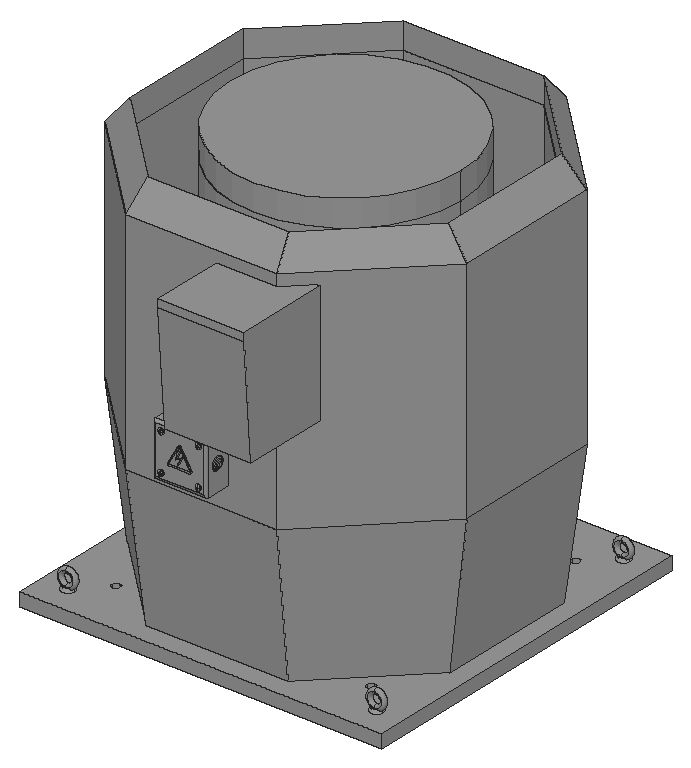
Revit family "Tower-SV-K2", category Оборудование, Revit 2021
Family settings
  Размер круглого соединителя = Использовать диаметр
  Классификация = Нет
  Тип детали = Нормальный
  На основе рабочей плоскости = Нет
  Всегда вертикально = Да
  При загрузке вырезать с полостями = Нет
  Общий = Нет
  Точка принадлежности помещению = Нет
Parameters (values of type "Tower-SV-K2-315-2D/1,1-K")
  ш1 = ш / 2  # 300 mm
  ш = A - 80 mm  # 600 mm
  Ш3 = A / 4.8  # 141.667 mm
  Ш2 = A / 5.15  # 132.039 mm
  Ш1 = Ш / 2  # 340 mm
  Ш = A  # 680 mm
  Width = Ш  # 680 mm
  Weight = 80.00 kg
  Voltage = 400 V  # constant formula
  Pressure_Static_Air [instance] = 0.0 Pa
  Power = 1100 W
  Number of Fase = 3  # constant formula
  Maximum Air Flow = 4680.0 m³/h
  Load Classification = "HVAC"
  Length = C  # 820 mm
  Height = H  # 779 mm
  Frequency = 50 Hz  # constant formula
  Отметка по умолчанию = 0 mm
  Grid Material = Mesh, steel, painted RAL 7040
  Изготовитель = "BLAUBERG"  # constant formula
  h1 = Ш3 + 50 mm  # 191.667 mm
  h2 = Ш / 3  # 226.667 mm
  h = H / 3  # 259.667 mm
  URL = ""
  R = B / 2 - B / 20  # 216 mm
  Maintenance zone material = none
  Casing Material = Metal, painted, grey, matt RAL 7040
  Kl = if(A > 1500 mm, 150 mm, 100 mm)  # 100 mm
  Kh = if(A < 1500 mm, 50 mm, 75 mm)  # 50 mm
  H = 779 mm
  C = 820 mm
  B = 480 mm
  Air Flow [instance] = 0.0 m³/h
  A = 680 mm
  09_System_Name [instance] = ""
  00_20_Type = "Tower-SV-K2-315-2D/1,1-K"
  00_20_Name = "Roof-mounted smoke extraction fan"  # constant formula
  00_20_Manufacturer = "BLAUBERG"  # constant formula
Types (37, lengths in mm): name | ш1 | ш | Ш3 | Ш2 | Ш1 | Ш | Width | Weight | Power | Maximum Air Flow | Length | Height | h1 | h2 | h | R | Kl | Kh | H | C | B | A | 00_20_Type
  (no name) | 300 | 600 | 141.667 | 132.039 | 340 | 680 | 680 | 80.00 kg | 1100 W | 4680.0 m³/h | 820 | 779 | 191.667 | 226.667 | 259.667 | 216 | 100 | 50 | 779 | 820 | 480 | 680 | "Tower-SV-K2-315-2D/1,1-K"
  Tower-SV-K2-710-4D/11-K | 550 | 1100 | 245.833 | 229.126 | 590 | 1180 | 1180 | 342.00 kg | 11000 W | 28080.0 m³/h | 1267 | 1264 | 295.833 | 393.333 | 421.333 | 441 | 100 | 50 | 1264 | 1267 | 980 | 1180 | "Tower-SV-K2-710-4D/11-K"
  Tower-SV-K2-800-6D/4-K | 550 | 1100 | 245.833 | 229.126 | 590 | 1180 | 1180 | 311.00 kg | 4000 W | 25020.0 m³/h | 1311 | 1237 | 295.833 | 393.333 | 412.333 | 441 | 100 | 50 | 1237 | 1311 | 980 | 1180 | "Tower-SV-K2-800-6D/4-K"
  Tower-SV-K2-1120-8D/15-K | 780 | 1560 | 341.667 | 318.447 | 820 | 1640 | 1640 | 911.00 kg | 15000 W | 63000.0 m³/h | 1876 | 1866 | 391.667 | 546.667 | 622 | 603 | 150 | 75 | 1866 | 1876 | 1340 | 1640 | "Tower-SV-K2-1120-8D/15-K"
  Tower-SV-K2-630-8D/0,75-K | 465 | 930 | 210.417 | 196.117 | 505 | 1010 | 1010 | 200.00 kg | 750 W | 9000.0 m³/h | 1121 | 1060 | 260.417 | 336.667 | 353.333 | 337.5 | 100 | 50 | 1060 | 1121 | 750 | 1010 | "Tower-SV-K2-630-8D/0,75-K"
  Tower-SV-K2-630-4D/5,5-K | 465 | 930 | 210.417 | 196.117 | 505 | 1010 | 1010 | 225.00 kg | 5500 W | 18720.0 m³/h | 1121 | 1060 | 260.417 | 336.667 | 353.333 | 337.5 | 100 | 50 | 1060 | 1121 | 750 | 1010 | "Tower-SV-K2-630-4D/5,5-K"
  Tower-SV-K2-710-8D/1,1-K | 550 | 1100 | 245.833 | 229.126 | 590 | 1180 | 1180 | 231.00 kg | 1100 W | 12960.0 m³/h | 1257 | 1105 | 295.833 | 393.333 | 368.333 | 441 | 100 | 50 | 1105 | 1257 | 980 | 1180 | "Tower-SV-K2-710-8D/1,1-K"
  Tower-SV-K2-710-6D/2,2-K | 550 | 1100 | 245.833 | 229.126 | 590 | 1180 | 1180 | 238.00 kg | 2200 W | 17280.0 m³/h | 1257 | 1105 | 295.833 | 393.333 | 368.333 | 441 | 100 | 50 | 1105 | 1257 | 980 | 1180 | "Tower-SV-K2-710-6D/2,2-K"
  Tower-SV-K2-800-8D/2,2-K | 550 | 1100 | 245.833 | 229.126 | 590 | 1180 | 1180 | 308.00 kg | 2200 W | 19080.0 m³/h | 1311 | 1237 | 295.833 | 393.333 | 412.333 | 441 | 100 | 50 | 1237 | 1311 | 980 | 1180 | "Tower-SV-K2-800-8D/2,2-K"
  Tower-SV-K2-800-4D/15-K | 550 | 1100 | 245.833 | 229.126 | 590 | 1180 | 1180 | 385.00 kg | 15000 W | 38880.0 m³/h | 1311 | 1387 | 295.833 | 393.333 | 462.333 | 441 | 100 | 50 | 1387 | 1311 | 980 | 1180 | "Tower-SV-K2-800-4D/15-K"
  Tower-SV-K2-900-10D/2,2-K | 630 | 1260 | 279.167 | 260.194 | 670 | 1340 | 1340 | 374.00 kg | 2200 W | 22500.0 m³/h | 1494 | 1297 | 329.167 | 446.667 | 432.333 | 472.5 | 100 | 50 | 1297 | 1494 | 1050 | 1340 | "Tower-SV-K2-900-10D/2,2-K"
  Tower-SV-K2-900-8D/4-K | 630 | 1260 | 279.167 | 260.194 | 670 | 1340 | 1340 | 435.00 kg | 4000 W | 27000.0 m³/h | 1494 | 1448 | 329.167 | 446.667 | 482.667 | 472.5 | 100 | 50 | 1448 | 1494 | 1050 | 1340 | "Tower-SV-K2-900-8D/4-K"
  Tower-SV-K2-900-6D/7,5-K | 630 | 1260 | 279.167 | 260.194 | 670 | 1340 | 1340 | 434.00 kg | 7500 W | 37800.0 m³/h | 1494 | 1448 | 329.167 | 446.667 | 482.667 | 472.5 | 100 | 50 | 1448 | 1494 | 1050 | 1340 | "Tower-SV-K2-900-6D/7,5-K"
  Tower-SV-K2-900-4D/30-K | 630 | 1260 | 279.167 | 260.194 | 670 | 1340 | 1340 | 597.00 kg | 30000 W | 55800.0 m³/h | 1524 | 1600 | 329.167 | 446.667 | 533.333 | 472.5 | 100 | 50 | 1600 | 1524 | 1050 | 1340 | "Tower-SV-K2-900-4D/30-K"
  Tower-SV-K2-1000-10D/3-K | 735 | 1470 | 322.917 | 300.971 | 775 | 1550 | 1550 | 573.00 kg | 3000 W | 32400.0 m³/h | 1686 | 1595 | 372.917 | 516.667 | 531.667 | 603 | 150 | 75 | 1595 | 1686 | 1340 | 1550 | "Tower-SV-K2-1000-10D/3-K"
  Tower-SV-K2-1000-8D/7,5-K | 735 | 1470 | 322.917 | 300.971 | 775 | 1550 | 1550 | 557.00 kg | 7500 W | 38880.0 m³/h | 1686 | 1595 | 372.917 | 516.667 | 531.667 | 603 | 150 | 75 | 1595 | 1686 | 1340 | 1550 | "Tower-SV-K2-1000-8D/7,5-K"
  Tower-SV-K2-1000-6D/15-K | 735 | 1470 | 322.917 | 300.971 | 775 | 1550 | 1550 | 608.00 kg | 15000 W | 54000.0 m³/h | 1686 | 1680 | 372.917 | 516.667 | 560 | 603 | 150 | 75 | 1680 | 1686 | 1340 | 1550 | "Tower-SV-K2-1000-6D/15-K"
  Tower-SV-K2-1120-10D/7,5-K | 780 | 1560 | 341.667 | 318.447 | 820 | 1640 | 1640 | 834.00 kg | 7500 W | 49680.0 m³/h | 1876 | 1829 | 391.667 | 546.667 | 609.667 | 603 | 150 | 75 | 1829 | 1876 | 1340 | 1640 | "Tower-SV-K2-1120-10D/7,5-K"
  Tower-SV-K2-1120-8D/11-K | 780 | 1560 | 341.667 | 318.447 | 820 | 1640 | 1640 | 834.00 kg | 11000 W | 54000.0 m³/h | 1876 | 1753 | 391.667 | 546.667 | 584.333 | 603 | 150 | 75 | 1753 | 1876 | 1340 | 1640 | "Tower-SV-K2-1120-8D/11-K"
  Tower-SV-K2-630-6D/1,5-K | 465 | 930 | 210.417 | 196.117 | 505 | 1010 | 1010 | 202.00 kg | 1500 W | 12600.0 m³/h | 1121 | 1060 | 260.417 | 336.667 | 353.333 | 337.5 | 100 | 50 | 1060 | 1121 | 750 | 1010 | "Tower-SV-K2-630-6D/1,5-K"
  Tower-SV-K2-1120-6D/22-K | 780 | 1560 | 341.667 | 318.447 | 820 | 1640 | 1640 | 856.00 kg | 22000 W | 74880.0 m³/h | 1876 | 1789 | 391.667 | 546.667 | 596.333 | 603 | 150 | 75 | 1789 | 1876 | 1340 | 1640 | "Tower-SV-K2-1120-6D/22-K"
  Tower-SV-K2-1120-6D/30-K | 780 | 1560 | 341.667 | 318.447 | 820 | 1640 | 1640 | 962.00 kg | 30000 W | 84600.0 m³/h | 1876 | 1956 | 391.667 | 546.667 | 652 | 603 | 150 | 75 | 1956 | 1876 | 1340 | 1640 | "Tower-SV-K2-1120-6D/30-K"
  Tower-SV-K2-560-4D/3-K | 460 | 920 | 208.333 | 194.175 | 500 | 1000 | 1000 | 163.00 kg | 3000 W | 13500.0 m³/h | 1094 | 991 | 258.333 | 333.333 | 330.333 | 337.5 | 100 | 50 | 991 | 1094 | 750 | 1000 | "Tower-SV-K2-560-4D/3-K"
  Tower-SV-K2-560-6D/0,75-K | 460 | 920 | 208.333 | 194.175 | 500 | 1000 | 1000 | 151.00 kg | 750 W | 8640.0 m³/h | 1082 | 921 | 258.333 | 333.333 | 307 | 337.5 | 100 | 50 | 921 | 1082 | 750 | 1000 | "Tower-SV-K2-560-6D/0,75-K"
  Tower-SV-K2-560-8D/0,37-K | 460 | 920 | 208.333 | 194.175 | 500 | 1000 | 1000 | 148.00 kg | 370 W | 6480.0 m³/h | 1082 | 921 | 258.333 | 333.333 | 307 | 337.5 | 100 | 50 | 921 | 1082 | 750 | 1000 | "Tower-SV-K2-560-8D/0,37-K"
  Tower-SV-K2-500-4D/1,5-K | 375 | 750 | 172.917 | 161.165 | 415 | 830 | 830 | 128.00 kg | 1500 W | 9720.0 m³/h | 950 | 888 | 222.917 | 276.667 | 296 | 288 | 100 | 50 | 888 | 950 | 640 | 830 | "Tower-SV-K2-500-4D/1,5-K"
  Tower-SV-K2-500-6D/0,55-K | 375 | 750 | 172.917 | 161.165 | 415 | 830 | 830 | 122.00 kg | 550 W | 3960.0 m³/h | 950 | 888 | 222.917 | 276.667 | 296 | 288 | 100 | 50 | 888 | 950 | 640 | 830 | "Tower-SV-K2-500-6D/0,55-K"
  Tower-SV-K2-500-8D/0,25-K | 375 | 750 | 172.917 | 161.165 | 415 | 830 | 830 | 121.00 kg | 250 W | 1512.0 m³/h | 950 | 888 | 222.917 | 276.667 | 296 | 288 | 100 | 50 | 888 | 950 | 640 | 830 | "Tower-SV-K2-500-8D/0,25-K"
  Tower-SV-K2-450-2D/7,5-K | 365 | 730 | 168.75 | 157.282 | 405 | 810 | 810 | 137.00 kg | 7500 W | 13680.0 m³/h | 933 | 929 | 218.75 | 270 | 309.667 | 261 | 100 | 50 | 929 | 933 | 580 | 810 | "Tower-SV-K2-450-2D/7,5-K"
  Tower-SV-K2-450-4D/1,1-K | 340 | 680 | 158.333 | 147.573 | 380 | 760 | 760 | 96.00 kg | 1100 W | 6750.0 m³/h | 864 | 794 | 208.333 | 253.333 | 264.667 | 261 | 100 | 50 | 794 | 864 | 580 | 760 | "Tower-SV-K2-450-4D/1,1-K"
  Tower-SV-K2-450-6D/0,25-K | 340 | 680 | 158.333 | 147.573 | 380 | 760 | 760 | 92.00 kg | 250 W | 3960.0 m³/h | 864 | 794 | 208.333 | 253.333 | 264.667 | 261 | 100 | 50 | 794 | 864 | 580 | 760 | "Tower-SV-K2-450-6D/0,25-K"
  Tower-SV-K2-400-2D/4-K | 340 | 680 | 158.333 | 147.573 | 380 | 760 | 760 | 112.00 kg | 4000 W | 9360.0 m³/h | 880 | 897 | 208.333 | 253.333 | 299 | 261 | 100 | 50 | 897 | 880 | 580 | 760 | "Tower-SV-K2-400-2D/4-K"
  Tower-SV-K2-400-4D/0,55-K | 340 | 680 | 158.333 | 147.573 | 380 | 760 | 760 | 83.00 kg | 550 W | 4500.0 m³/h | 866 | 772 | 208.333 | 253.333 | 257.333 | 261 | 100 | 50 | 772 | 866 | 580 | 760 | "Tower-SV-K2-400-4D/0,55-K"
  Tower-SV-K2-400-6D/0,25-K | 340 | 680 | 158.333 | 147.573 | 380 | 760 | 760 | 82.00 kg | 250 W | 2880.0 m³/h | 866 | 772 | 208.333 | 253.333 | 257.333 | 261 | 100 | 50 | 772 | 866 | 580 | 760 | "Tower-SV-K2-400-6D/0,25-K"
  Tower-SV-K2-355-2D/2,2-K | 300 | 600 | 141.667 | 132.039 | 340 | 680 | 680 | 89.00 kg | 2200 W | 6750.0 m³/h | 820 | 801 | 191.667 | 226.667 | 267 | 216 | 100 | 50 | 801 | 820 | 480 | 680 | "Tower-SV-K2-355-2D/2,2-K"
  Tower-SV-K2-355-4D/0,25-K | 300 | 600 | 141.667 | 132.039 | 340 | 680 | 680 | 73.00 kg | 250 W | 3168.0 m³/h | 820 | 744 | 191.667 | 226.667 | 248 | 216 | 100 | 50 | 744 | 820 | 480 | 680 | "Tower-SV-K2-355-4D/0,25-K"
  Tower-SV-K2-315-2D/1,1-K | 300 | 600 | 141.667 | 132.039 | 340 | 680 | 680 | 80.00 kg | 1100 W | 4680.0 m³/h | 820 | 779 | 191.667 | 226.667 | 259.667 | 216 | 100 | 50 | 779 | 820 | 480 | 680 | "Tower-SV-K2-315-2D/1,1-K"
Reference planes
  plane 1 "По центру (Вперед/Назад)": y = 0
  plane 2: z = 0
  plane 3 "По центру (Влево/Вправо)": x = 0
  plane 4: z = 779
  plane 5: y = -480
  plane 6: y = 340
  plane 7: x = 526.611
  plane 8: x = -526.611
  plane 9: z = 729
  plane 10: x = -240
  plane 11: x = 240
  plane 12: y = 240
  plane 13: y = -240
  plane 14: z = 299
Forms (mm)
  Extrusion 1, solid, material "Metal, painted, grey, matt RAL 7040" <- "Casing Material"
    sketch origin (-227.127, 285.75, 0) x (1, 0, 0) y (0, 1, 0)
      loop
        line (-112.873, 54.25) -> (-112.873, -625.75) -> (567.127, -625.75) -> (567.127, 54.25) -> (-112.873, 54.25)
    from 0 to 25
  Extrusion 2, void
    sketch origin (0, 0, 0) x (1, 0, 0) y (0, 1, 0)
      loop
        circle (-240, 240) r 8
      loop
        circle (240, 240) r 8
      loop
        circle (-240, -240) r 8
      loop
        circle (240, -240) r 8
    from 0 to 25
  Extrusion 3, solid, material "Metal, painted, grey, matt RAL 7040" <- "Casing Material"
    sketch origin (0, 67, 0) x (0, 1, 0) y (0, 0, 1)
      loop
        line (-367, 708.639) -> (-547, 708.639) -> (-547, 693.639) -> (-529.109, 481.972) -> (-367, 481.972) -> (-367, 708.639)
    from 191.667 <- "h1" to 30
  Blend 4, solid, material "Metal, painted, grey, matt RAL 7040" <- "Casing Material"
    base sketch origin (0, 0, 0) x (1, 0, 0) y (0, 1, 0)
      loop
        line (300, 132.039) -> (132.039, 300) -> (-132.039, 300) -> (-300, 132.039) -> (-300, -132.039) -> (-132.039, -300) -> (132.039, -300) -> (300, -132.039) -> (300, 132.039)
    top sketch origin (0, 0, 0) x (1, 0, 0) y (0, 1, 0)
      loop
        line (340, 141.667) -> (141.667, 340) -> (-141.667, 340) -> (-340, 141.667) -> (-340, -141.667) -> (-141.667, -340) -> (141.667, -340) -> (340, -141.667) -> (340, 141.667)
    from 0 to 299
  Extrusion 5, solid, material "Metal, painted, grey, matt RAL 7040" <- "Casing Material"
    sketch origin (0, 0, 0) x (1, 0, 0) y (0, 1, 0)
      loop
        line (340, 141.667) -> (141.667, 340) -> (-141.667, 340) -> (-340, 141.667) -> (-340, -141.667) -> (-141.667, -340) -> (141.667, -340) -> (340, -141.667) -> (340, 141.667)
    from 299 to 729
  Blend 6, solid, material "Metal, painted, grey, matt RAL 7040" <- "Casing Material"
    base sketch origin (0, 0, 0) x (1, 0, 0) y (0, 1, 0)
      loop
        line (340, 141.667) -> (141.667, 340) -> (-141.667, 340) -> (-340, 141.667) -> (-340, -141.667) -> (-141.667, -340) -> (141.667, -340) -> (340, -141.667) -> (340, 141.667)
    top sketch origin (0, 0, 0) x (1, 0, 0) y (0, 1, 0)
      loop
        line (300, 132.039) -> (132.039, 300) -> (-132.039, 300) -> (-300, 132.039) -> (-300, -132.039) -> (-132.039, -300) -> (132.039, -300) -> (300, -132.039) -> (300, 132.039)
    from 729 to 779
  Extrusion 7, void
    sketch origin (0, 0, 0) x (1, 0, 0) y (0, 1, 0)
      loop
        line (300, 132.039) -> (132.039, 300) -> (-132.039, 300) -> (-300, 132.039) -> (-300, -132.039) -> (-132.039, -300) -> (132.039, -300) -> (300, -132.039) -> (300, 132.039)
      loop
        circle (0, 0) r 216
    from 1994.336 to 25
Cuts and joins
  Extrusion 7 cuts Blend 4
  Extrusion 7 cuts Extrusion 5
  Extrusion 7 cuts Blend 6
  Extrusion 2 cuts Extrusion 1
Lines and regions (mm)
  Split face 1
    outline origin (0, -480, 693.639) x (0, 0.084222, -0.996447) y (1, 0, 0)
      loop
        line (202.421, 40) -> (202.421, 181.667) -> (10, 181.667) -> (10, 40) -> (202.421, 40)
Dimensions and locks
  Extrusion 1 sketch curve to Extrusion 1 sketch curve = 680 mm  (x2)
  "A": Extrusion 1 to Extrusion 1  (x2)
  equal spacing: Extrusion 1 sketch curve, plane 1 "По центру (Вперед/Назад)", Extrusion 1 sketch curve
  equal spacing: Extrusion 1 sketch curve, plane 3 "По центру (Влево/Вправо)", Extrusion 1 sketch curve
  "H": level to plane 4
  plane 5 to plane 1 "По центру (Вперед/Назад)" = 480 mm
  "Ш1": plane 6 to plane 1 "По центру (Вперед/Назад)"
  "C": plane 6 to plane 5
  equal spacing: Blend 4 sketch curve, plane 3 "По центру (Влево/Вправо)", Blend 4 sketch curve  (x2)
  "ш": Blend 4 sketch curve to Blend 4 sketch curve  (x2)
  equal spacing: Blend 4 sketch curve, plane 1 "По центру (Вперед/Назад)", Blend 4 sketch curve  (x2)
  "Ш": Blend 4 sketch curve to Blend 4 sketch curve  (x2)
  equal spacing: Extrusion 5 sketch curve, plane 1 "По центру (Вперед/Назад)", Extrusion 5 sketch curve
  "Ш": Extrusion 5 sketch curve to Extrusion 5 sketch curve  (x2)
  equal spacing: Extrusion 5 sketch curve, plane 3 "По центру (Влево/Вправо)", Extrusion 5 sketch curve
  Extrusion 5 to Extrusion 5 = 680 mm
  equal spacing: Extrusion 5, plane 3 "По центру (Влево/Вправо)", Extrusion 5
  equal spacing: Blend 6 sketch curve, plane 3 "По центру (Влево/Вправо)", Blend 6 sketch curve  (x2)
  "ш": Blend 6 sketch curve to Blend 6 sketch curve  (x2)
  equal spacing: Blend 6 sketch curve, plane 1 "По центру (Вперед/Назад)", Blend 6 sketch curve  (x2)
  "Ш": Extrusion 5 to Extrusion 5
  equal spacing: Extrusion 5, plane 1 "По центру (Вперед/Назад)", Extrusion 5
  "Ш": Blend 6 sketch curve to Blend 6 sketch curve  (x2)
  equal spacing: Extrusion 7 sketch curve, plane 1 "По центру (Вперед/Назад)", Extrusion 7 sketch curve
  "ш": Extrusion 7 sketch curve to Extrusion 7 sketch curve  (x2)
  equal spacing: Extrusion 7 sketch curve, plane 3 "По центру (Влево/Вправо)", Extrusion 7 sketch curve
  locked: plane 9 to plane 4 at 50
  "ш1": plane 1 "По центру (Вперед/Назад)" to Extrusion 3 sketch curve
  "Ш2": Blend 4 sketch curve to plane 3 "По центру (Влево/Вправо)" to Blend 4 sketch curve  (x2)
  "Ш2": Blend 4 sketch curve to plane 1 "По центру (Вперед/Назад)" to Blend 4 sketch curve  (x2)
  "Ш3": Blend 4 sketch curve to plane 3 "По центру (Влево/Вправо)" to Blend 4 sketch curve  (x2)
  "Ш3": Blend 4 sketch curve to plane 1 "По центру (Вперед/Назад)" to Blend 4 sketch curve  (x2)
  "Ш3": Extrusion 5 sketch curve to plane 3 "По центру (Влево/Вправо)" to Extrusion 5 sketch curve  (x2)
  "Ш3": Extrusion 5 sketch curve to plane 1 "По центру (Вперед/Назад)" to Extrusion 5 sketch curve  (x2)
  "Ш3": Blend 6 sketch curve to plane 3 "По центру (Влево/Вправо)" to Blend 6 sketch curve  (x2)
  "Ш3": Blend 6 sketch curve to plane 1 "По центру (Вперед/Назад)" to Blend 6 sketch curve  (x2)
  "Ш2": Blend 6 sketch curve to plane 3 "По центру (Влево/Вправо)" to Blend 6 sketch curve  (x2)
  "Ш2": Blend 6 sketch curve to plane 1 "По центру (Вперед/Назад)" to Blend 6 sketch curve  (x2)
  "Ш2": Extrusion 7 sketch curve to plane 3 "По центру (Влево/Вправо)" to Extrusion 7 sketch curve  (x2)
  "Ш2": Extrusion 7 sketch curve to plane 1 "По центру (Вперед/Назад)" to Extrusion 7 sketch curve  (x2)
  equal spacing: plane 10, plane 3 "По центру (Влево/Вправо)", plane 11
  "B": plane 10 to plane 11
  equal spacing: plane 12, plane 1 "По центру (Вперед/Назад)", plane 13
  "B": plane 12 to plane 13
  "h2": Extrusion 3 sketch curve to Extrusion 3 sketch curve
  locked: plane 4 to Extrusion 3 sketch curve at 70.361
  locked: nested 1 to cut or joined group of Extrusion 1, Extrusion 2 at 50
  locked: cut or joined group of Extrusion 1, Extrusion 2 to nested 1 at 50
  locked: cut or joined group of Extrusion 1, Extrusion 2 to nested 2 at 50  (x2)
  locked: cut or joined group of Extrusion 1, Extrusion 2 to nested 4 at 50  (x2)
  locked: cut or joined group of Extrusion 1, Extrusion 2 to nested 3 at 50
  locked: nested 3 to cut or joined group of Extrusion 1, Extrusion 2 at 50
  equal spacing: plane 4, nested 5, level
  "R": radius of Extrusion 7 sketch curve
  aligned and locked: level to plane 2
  aligned and locked: plane 5 to Extrusion 3
  aligned and locked: Blend 6 to Extrusion 5
  aligned and locked: plane 4 to Blend 6
  aligned and locked: plane 9 to Extrusion 5
  aligned and locked: cut or joined group of Blend 4, Extrusion 7 to cut or joined group of Extrusion 1, Extrusion 2
  aligned and locked: Extrusion 5 to cut or joined group of Blend 4, Extrusion 7
  aligned and locked: plane 14 to Blend 4
  aligned and locked: plane 3 "По центру (Влево/Вправо)" to nested 5
Automatic sketch dimensions
  Extrusion 2 sketch curve to plane 10 = 0 mm  (x2)
  Extrusion 2 sketch curve to plane 11 = 0 mm  (x2)
  Extrusion 2 sketch curve to plane 13 = 0 mm  (x2)
  Extrusion 2 sketch curve to plane 12 = 0 mm  (x2)
  plane 8 to Extrusion 1 sketch curve = 186.611 mm
  Extrusion 3 sketch curve to plane 5 = 0 mm
  Extrusion 3 sketch curve to plane 5 = 17.891 mm
  Extrusion 3 sketch curve to Extrusion 3 sketch curve = 15 mm
  plane 1 "По центру (Вперед/Назад)" to Extrusion 7 sketch curve = 0 mm
  Extrusion 7 sketch curve to plane 3 "По центру (Влево/Вправо)" = 0 mm
  Split face 1 sketch curve to Extrusion 3 = 10 mm  (x4)
  radius of Extrusion 2 sketch curve = 8 mm  (x4)
Nested families
  nested 1: "Eye bolt" at (290, -290, 25), type "М12"
  nested 2: "Eye bolt" at (-290, -290, 25) x (-1, 0, 0) z (0, 0, 1), type "М12"
  nested 3: "Eye bolt" at (290, 290, 25), type "М12"
  nested 4: "Eye bolt" at (-290, 290, 25) x (-1, 0, 0) z (0, 0, 1), type "М12"
  nested 5: "Electrical box" at (0, -340, 389.5) x (1, 0, 0) z (0, -1, 0), type "Electrical box"
Connectors
  electrical at (25, -365, 443.25), driven by "Voltage"
    settings: on nested 5, index 1, voltage 400 V, apparent load 0 VA, apparent load phase1 0 VA, apparent load phase2 0 VA, apparent load phase3 0 VA, power factor 1, load classification "Двигатель", number of poles 1, system type 30, power factor state 1, is connector primary yes, connector utility no, sub classification motor no, connector description ""
Definition of nested family "Eye bolt"
  Parameters (values of type "М12")
    Default Elevation = 0 mm
    Manufacturer = "Вентс"  # constant formula
    r5 = d5 / 2  # 8 mm
    r4 = d4 / 2  # 12 mm
    h2 = d3 / 2 + h  # 18.5 mm
    h11 = d3 / 2  # 4.8 mm
    h = 13.7 mm
    d5 = d4 - d4 / 3  # 16 mm
    d4 = d * 2  # 24 mm
    d3 = d * 0.8  # 9.6 mm
    d = 12 mm
  Types (2, lengths in mm): name | r5 | r4 | h2 | h11 | h | d5 | d4 | d3 | d
    М12 | 8 | 12 | 18.5 | 4.8 | 13.7 | 16 | 24 | 9.6 | 12
    М16 | 10.667 | 16 | 23.8 | 6.4 | 17.4 | 21.333 | 32 | 12.8 | 16
  Reference planes
    plane 1 "По центру (Вперед/Назад)": y = 0
    plane 2: z = 0
    plane 3 "По центру (Влево/Вправо)": x = 0
    plane 4 "ось гор": z = 18.5
    plane 5: z = 37
  Forms (mm)
    Revolve 1, solid
      sketch origin (0, 0, 0) x (0, 1, 0) y (0, 0, 1)
        loop
          circle (0, 32.2) r 4.8
        axis (4.8, 18.5) -> (-4.8, 18.5)
      angle from 0 to 360
    Extrusion 2, solid
      sketch origin (0, 0, 0) x (1, 0, 0) y (0, 1, 0)
        loop
          circle (0, 0) r 6
      from -13.7 to 0
    Blend 3, solid
      base sketch origin (0, 0, 0) x (1, 0, 0) y (0, 1, 0)
        loop
          circle (0, 0) r 12
      top sketch origin (0, 0, 0) x (1, 0, 0) y (0, 1, 0)
        loop
          circle (0, 0) r 8
      from 0 to 4.8
  Dimensions and locks
    "h2": plane 4 "ось гор" to level
    "h": Revolve 1 sketch curve to plane 4 "ось гор"
    "h": level to Extrusion 2
    "h2": plane 5 to plane 4 "ось гор"
    "h11": level to Blend 3
    "d3": diameter of Revolve 1 sketch curve
    "d": diameter of Extrusion 2 sketch curve
    "d4": diameter of Blend 3 sketch curve
    "d5": diameter of Blend 3 sketch curve
    aligned and locked: level to plane 2
    aligned and locked: plane 4 "ось гор" to Revolve 1 sketch curve
  Automatic sketch dimensions
    Revolve 1 sketch curve to plane 1 "По центру (Вперед/Назад)" = 0 mm
    plane 1 "По центру (Вперед/Назад)" to Revolve 1 sketch curve = 12.118 mm
    Revolve 1 sketch curve to plane 1 "По центру (Вперед/Назад)" = 7.882 mm
    plane 1 "По центру (Вперед/Назад)" to Extrusion 2 sketch curve = 0 mm
    Extrusion 2 sketch curve to plane 3 "По центру (Влево/Вправо)" = 0 mm
    plane 1 "По центру (Вперед/Назад)" to Blend 3 sketch curve = 0 mm  (x2)
    Blend 3 sketch curve to plane 3 "По центру (Влево/Вправо)" = 0 mm  (x2)
Definition of nested family "Electrical box"
  Parameters (values of type "100x100")
    Ш1 = Ш / 2 - 15 mm  # 35 mm
    Ш = 100 mm
    Default Elevation = 1219.2 mm
    Л = Д / 4  # 25 mm
    Д1 = Д / 2 - 15 mm  # 35 mm
    Д = 100 mm
    h = H / 2  # 25 mm
    H = 50 mm
  Reference planes
    plane 1 "По центру (Вперед/Назад)": y = 0
    plane 2: z = 0
    plane 3 "По центру (Влево/Вправо)": x = 0
  Forms (mm)
    Extrusion 1, solid
      sketch origin (0, 0, 0) x (1, 0, 0) y (0, 1, 0)
        loop
          line (-50, 50) -> (-50, -50) -> (50, -50) -> (50, 50) -> (-50, 50)
      from 0 to 50 <- "H"
    Sweep 2, void
      path in 3D
        loop
          line (-50, 50, 50) -> (-50, -50, 50) -> (50, -50, 50) -> (50, 50, 50) -> (-50, 50, 50)
      profile origin (0, 50, 50) x (0, -1, 0) y (0, 0, 1)
        loop
          line (5, 0) -> (0, 0) -> (0, -5)
          arc (0, -5) -> (1.464, -1.464) -> (5, 0) r 5
    Extrusion 3, void
      sketch origin (0, 0, 0) x (0, 1, 0) y (0, 0, 1)
        loop
          circle (0, 25) r 10
      from -50 to -45
    Extrusion 4, void
      sketch origin (0, 0, 0) x (0, 1, 0) y (0, 0, 1)
        loop
          circle (0, 25) r 10
      from 45 to 50
    Extrusion 5, void
      sketch origin (0, 0, 0) x (1, 0, 0) y (0, 0, 1)
        loop
          circle (25, 25) r 10
        loop
          circle (-25, 25) r 10
      from 45 to 50
    Extrusion 6, void
      sketch origin (0, 0, 0) x (1, 0, 0) y (0, 0, 1)
        loop
          circle (25, 25) r 10
        loop
          circle (-25, 25) r 10
      from -50 to -45
  Cuts and joins
    Sweep 2, Extrusion 3, Extrusion 4, Extrusion 5, Extrusion 6 cuts Extrusion 1
  Lines and regions (mm)
    sketch lines
      curve 1: line (50, 50, 50) -> (-50, 50, 50)
      curve 2: line (50, -50, 50) -> (50, 50, 50)
      curve 3: line (-50, -50, 50) -> (50, -50, 50)
      curve 4: line (-50, 50, 50) -> (-50, -50, 50)
  Dimensions and locks
    "Д": Extrusion 1 sketch curve to Extrusion 1 sketch curve
    "Ш": Extrusion 1 sketch curve to Extrusion 1 sketch curve
    equal spacing: Extrusion 1 sketch curve, plane 3 "По центру (Влево/Вправо)", Extrusion 1 sketch curve
    equal spacing: Extrusion 1 sketch curve, plane 1 "По центру (Вперед/Назад)", Extrusion 1 sketch curve
    "Д1": nested 2 to plane 3 "По центру (Влево/Вправо)"
    "Д1": plane 3 "По центру (Влево/Вправо)" to nested 1
    "Д1": nested 4 to plane 3 "По центру (Влево/Вправо)"
    "Д1": plane 3 "По центру (Влево/Вправо)" to nested 3
    "Ш1": nested 3 to plane 1 "По центру (Вперед/Назад)"
    "Ш1": plane 1 "По центру (Вперед/Назад)" to nested 1
    "Ш1": nested 4 to plane 1 "По центру (Вперед/Назад)"
    "Ш1": plane 1 "По центру (Вперед/Назад)" to nested 2
    "h": Extrusion 3 sketch curve to level
    "h": Extrusion 4 sketch curve to level
    "h": level to Extrusion 5 sketch curve  (x2)
    "Л": plane 3 "По центру (Влево/Вправо)" to Extrusion 5 sketch curve
    "Л": Extrusion 5 sketch curve to plane 3 "По центру (Влево/Вправо)"
    "h": level to Extrusion 6 sketch curve  (x2)
    "Л": Extrusion 6 sketch curve to plane 3 "По центру (Влево/Вправо)"
    "Л": plane 3 "По центру (Влево/Вправо)" to Extrusion 6 sketch curve
    "h": level to nested 5
    "h": level to nested 6
    "Л": nested 8 to plane 3 "По центру (Влево/Вправо)"
    "Л": nested 7 to plane 3 "По центру (Влево/Вправо)"
    "Л": plane 3 "По центру (Влево/Вправо)" to nested 9
    "Л": plane 3 "По центру (Влево/Вправо)" to nested 11
    "h": nested 11 to level
    radius of Extrusion 6 sketch curve = 10 mm
    aligned and locked: level to plane 2
    aligned and locked: Extrusion 1 to Extrusion 3
    aligned and locked: Sweep 2 to Extrusion 3
    aligned and locked: Extrusion 1 to Extrusion 4
    aligned and locked: Sweep 2 to Extrusion 4
    aligned and locked: Extrusion 1 to Extrusion 5
    aligned and locked: Sweep 2 to Extrusion 5
    aligned and locked: Extrusion 1 to Extrusion 6
    aligned and locked: Extrusion 6 to Sweep 2
    aligned and locked: plane 1 "По центру (Вперед/Назад)" to nested 5
    aligned and locked: nested 5 to cut or joined group of Extrusion 1, Sweep 2, Extrusion 3, Extrusion 4, Extrusion 5, Extrusion 6
    aligned and locked: nested 6 to plane 1 "По центру (Вперед/Назад)"
    aligned and locked: cut or joined group of Extrusion 1, Sweep 2, Extrusion 3, Extrusion 4, Extrusion 5, Extrusion 6 to nested 6
    aligned and locked: cut or joined group of Extrusion 1, Sweep 2, Extrusion 3, Extrusion 4, Extrusion 5, Extrusion 6 to nested 7
    aligned and locked: nested 8 to cut or joined group of Extrusion 1, Sweep 2, Extrusion 3, Extrusion 4, Extrusion 5, Extrusion 6
    aligned and locked: cut or joined group of Extrusion 1, Sweep 2, Extrusion 3, Extrusion 4, Extrusion 5, Extrusion 6 to nested 9
    aligned and locked: plane 3 "По центру (Влево/Вправо)" to nested 10
  Automatic sketch dimensions
    Sweep 2 sketch curve to profile plane = 0 mm  (x2)
    Sweep 2 sketch curve to profile plane = 5 mm
    Extrusion 3 sketch curve to plane 1 "По центру (Вперед/Назад)" = 0 mm
    Extrusion 4 sketch curve to plane 1 "По центру (Вперед/Назад)" = 0 mm
    radius of Extrusion 3 sketch curve = 10 mm
    radius of Extrusion 4 sketch curve = 10 mm
    radius of Extrusion 5 sketch curve = 10 mm  (x2)
    radius of Extrusion 6 sketch curve = 10 mm
  Nested families
    nested 1: "Винт" at (35, 35, 50), built-in parameter 1001364 <- "H", type "Винт"
    nested 2: "Винт" at (-35, 35, 50), built-in parameter 1001364 <- "H", type "Винт"
    nested 3: "Винт" at (35, -35, 50), built-in parameter 1001364 <- "H", type "Винт"
    nested 4: "Винт" at (-35, -35, 50), built-in parameter 1001364 <- "H", type "Винт"
    nested 5: "Заглушка" at (46, 0, 25) x (0, 0, -1) z (1, 0, 0), built-in parameter 1001360 <- "h", type "Заглушка"
    nested 6: "Заглушка" at (-46, 0, 25) x (0, 0, -1) z (-1, 0, 0), built-in parameter 1001360 <- "h", type "Заглушка"
    nested 7: "Заглушка" at (-25, 46, 25) x (0, 0, -1) z (0, 1, 0), built-in parameter 1001360 <- "h", type "Заглушка"
    nested 8: "Заглушка" at (-25, -46, 25) x (0, 0, -1) z (0, -1, 0), built-in parameter 1001360 <- "h", type "Заглушка"
    nested 9: "Заглушка" at (25, -46, 25) x (0, 0, -1) z (0, -1, 0), built-in parameter 1001360 <- "h", type "Заглушка"
    nested 10: "Электрика" at (0, 3.125, 50), built-in parameter 1001360 <- "H", type "Электрика"
    nested 11: "Штуцер" at (25, 50, 25) x (1, 0, 0) z (0, 1, 0), type "24"
  Definition of nested family "Винт"
    Parameters (values of type "Винт")
      Default Elevation = 0 mm
    Reference planes
      plane 1 "По центру (Вперед/Назад)": y = 0
      plane 2: z = 0
      plane 3 "По центру (Влево/Вправо)": x = 0
    Forms (mm)
      Revolve 1, solid
        sketch origin (0, 0, 0) x (1, 0, 0) y (0, 0, 1)
          loop
            line (0, -20) -> (2.5, -20) -> (2.5, 0) -> (5, 0) -> (5, 0.988)
            arc (5, 0.988) -> (2.589, 1.966) -> (0, 2.235) r 9.254
            line (0, 2.235) -> (0, -20)
          axis (0, 2.235) -> (0, -20)
        angle from 0 to 360
      Extrusion 2, void
        sketch origin (0, -0.137, 0) x (1, 0, 0) y (0, 1, 0)
          loop
            line (-0.439, -5.142) -> (0.455, -5.142) -> (0.455, -0.343) -> (5.265, -0.343) -> (5.265, 0.594) -> (0.455, 0.594) -> (0.455, 5.38) -> (-0.439, 5.38) -> (-0.439, 0.594) -> (-5.291, 0.594) -> (-5.291, -0.343) -> (-0.439, -0.343) -> (-0.439, -5.142)
        from 0.988 to 3.071
    Cuts and joins
      Extrusion 2 cuts Revolve 1
    Dimensions and locks
      aligned and locked: level to plane 2
      aligned and locked: Extrusion 2 to Revolve 1
  Definition of nested family "Заглушка"
    Parameters (values of type "Заглушка")
      Default Elevation = 0 mm
    Reference planes
      plane 1 "По центру (Вперед/Назад)": y = 0
      plane 2: z = 0
      plane 3 "По центру (Влево/Вправо)": x = 0
    Forms (mm)
      Extrusion 1, solid
        sketch origin (0, 0, 0) x (1, 0, 0) y (0, 1, 0)
          loop
            circle (0, 0) r 12
        from 4 to 5
      Extrusion 2, solid
        sketch origin (0, 0, 0) x (1, 0, 0) y (0, 1, 0)
          loop
            circle (0, 0) r 10
        from 5 to 6
      Extrusion 3, solid
        sketch origin (0, 0, 0) x (1, 0, 0) y (0, 1, 0)
          loop
            circle (0, 0) r 8
        from 6 to 7
      Extrusion 4, solid
        sketch origin (0, 0, 0) x (1, 0, 0) y (0, 1, 0)
          loop
            circle (0, 0) r 6
        from 7 to 8
      Extrusion 5, solid
        sketch origin (0, 0, 0) x (1, 0, 0) y (0, 1, 0)
          loop
            circle (0, 0) r 4
        from 8 to 9
      Extrusion 6, solid
        sketch origin (0, 0, 0) x (1, 0, 0) y (0, 1, 0)
          loop
            circle (0, 0) r 2
        from 9 to 10
    Dimensions and locks
      aligned and locked: level to plane 2
  Definition of nested family "Электрика"
    Parameters (values of type "Электрика")
      Default Elevation = 0 mm
    Reference planes
      plane 1 "По центру (Вперед/Назад)": y = 0
      plane 2: z = 0
      plane 3 "По центру (Влево/Вправо)": x = 0
    Forms (mm)
      Extrusion 1, solid
        sketch origin (0, -20.999, 0) x (1, 0, 0) y (0, 1, 0)
          loop
            line (0, 0.664) -> (18.543, 0.664)
            arc (18.543, 0.664) -> (21.349, 1.985) -> (22.119, 4.99) r 3.641
            line (22.119, 4.99) -> (2.806, 38.44)
            arc (2.806, 38.44) -> (0, 39.762) -> (-2.806, 38.44) r 3.641
            line (-2.806, 38.44) -> (-22.119, 4.99)
            arc (-22.119, 4.99) -> (-21.349, 1.985) -> (-18.543, 0.664) r 3.641
            line (-18.543, 0.664) -> (0, 0.664)
          loop
            arc (-20.055, 4.565) -> (-19.717, 3.245) -> (-18.484, 2.664) r 1.6
            line (-18.484, 2.664) -> (18.396, 2.664)
            arc (18.396, 2.664) -> (19.729, 3.379) -> (19.87, 4.885) r 1.6
            line (19.87, 4.885) -> (1.2, 37.223)
            arc (1.2, 37.223) -> (0.104, 37.807) -> (-1.079, 37.432) r 1.6
            line (-1.079, 37.432) -> (-20.055, 4.565)
        from 0 to 1
      Extrusion 2, solid
        sketch origin (0, -20.999, 0) x (1, 0, 0) y (0, 1, 0)
          loop
            line (1.519, 30.846) -> (-2.718, 30.846) -> (-7.387, 14.53) -> (2.226, 19.012) -> (-1.819, 8.947) -> (-2.667, 9.352) -> (-2.823, 5.949) -> (-0.273, 8.208) -> (-1.096, 8.601) -> (5.366, 22.132) -> (-4.385, 17.585) -> (1.519, 30.846)
        from 0 to 1
      Extrusion 3, solid
        sketch origin (0, -20.999, 0) x (1, 0, 0) y (0, 1, 0)
          loop
            line (-1.079, 37.432) -> (-20.055, 4.565)
            arc (-20.055, 4.565) -> (-19.717, 3.245) -> (-18.484, 2.664) r 1.6
            line (-18.484, 2.664) -> (18.396, 2.664)
            arc (18.396, 2.664) -> (19.781, 3.464) -> (19.781, 5.064) r 1.6
            line (19.781, 5.064) -> (1.296, 37.092)
            arc (1.296, 37.092) -> (0.185, 37.798) -> (-1.079, 37.432) r 1.6
        from 0 to 0.9
    Dimensions and locks
      aligned and locked: level to plane 2
  Definition of nested family "Штуцер"
    Parameters (values of type "32")
      Default Elevation = 1219.2 mm
      r1 = r / 1.3333  # 12 mm
      r = 16 mm
      h3 = H / 3.2  # 10 mm
      h1 = H / 1.28  # 25 mm
      h4 = H / 6.4  # 5 mm
      H = 32 mm
      A = 2 * r * tan(30.00°)  # 18.475 mm
    Types (3, lengths in mm): name | r1 | r | h3 | h1 | h4 | H | A
      32 | 12 | 16 | 10 | 25 | 5 | 32 | 18.475
      24 | 9 | 12 | 7.5 | 18.75 | 3.75 | 24 | 13.856
      16 | 6 | 8 | 5 | 12.5 | 2.5 | 16 | 9.238
    Reference planes
      plane 1 "По центру (Вперед/Назад)": y = 0
      plane 2: z = 0
      plane 3 "По центру (Влево/Вправо)": x = 0
    Forms (mm)
      Extrusion 1, solid
        sketch origin (-129.783, 0, -1.583) x (-1, 0, 0) y (0, -1, 0)
          loop
            line (-129.783, -18.475) -> (-113.783, -9.238) -> (-113.783, 9.238) -> (-129.783, 18.475) -> (-145.783, 9.238) -> (-145.783, -9.238) -> (-129.783, -18.475)
        from 1.583 to 6.583
      Extrusion 2, solid
        sketch origin (-129.783, 0, 0) x (-1, 0, 0) y (0, -1, 0)
          loop
            circle (-129.783, 0) r 12
        from 5 to 10
      Extrusion 3, solid
        sketch origin (-129.783, 0, 14.25) x (-1, 0, 0) y (0, -1, 0)
          loop
            line (-129.783, -18.475) -> (-113.783, -9.238) -> (-113.783, 9.238) -> (-129.783, 18.475) -> (-145.783, 9.238) -> (-145.783, -9.238) -> (-129.783, -18.475)
        from -4.25 to 10.75
      Revolve 4, solid
        sketch origin (-129.783, 0, -5.678) x (-1, 0, 0) y (0, 0, -1)
          loop
            line (-117.783, -30.678) -> (-129.783, -30.678) -> (-129.783, -37.678) -> (-118.783, -37.678)
            arc (-118.783, -37.678) -> (-118.076, -37.385) -> (-117.783, -36.678) r 1
            line (-117.783, -36.678) -> (-117.783, -30.678)
          axis (-129.783, -37.678) -> (-129.783, -30.678)
        angle from 0 to 360
    Dimensions and locks
      "A": Extrusion 3 sketch curve to Extrusion 3 sketch curve  (x6)
      equal spacing: Extrusion 3 sketch curve, plane 1 "По центру (Вперед/Назад)", Extrusion 3 sketch curve  (x2)
      "A": Extrusion 3 sketch curve to plane 1 "По центру (Вперед/Назад)" to Extrusion 3 sketch curve
      "A": Extrusion 1 sketch curve to Extrusion 1 sketch curve  (x6)
      "A": Extrusion 1 sketch curve to plane 1 "По центру (Вперед/Назад)" to Extrusion 1 sketch curve
      "r1": plane 3 "По центру (Влево/Вправо)" to Revolve 4 sketch curve
      "H": level to Revolve 4 sketch curve
      "h1": level to Extrusion 3
      "h3": level to Extrusion 3
      "h1": level to Revolve 4 sketch curve
      "h3": level to Extrusion 2
      "h4": level to Extrusion 2
      "h4": level to Extrusion 1
      "r1": radius of Extrusion 2 sketch curve
      aligned and locked: level to plane 2
      aligned and locked: Extrusion 1 to Extrusion 2
      aligned and locked: Extrusion 1 to level
      aligned and locked: Extrusion 3 to Extrusion 2
    Automatic sketch dimensions
      Extrusion 1 sketch curve to plane 3 "По центру (Влево/Вправо)" = 0 mm  (x2)
      plane 1 "По центру (Вперед/Назад)" to Extrusion 2 sketch curve = 0 mm
      Extrusion 2 sketch curve to plane 3 "По центру (Влево/Вправо)" = 0 mm
      Extrusion 3 sketch curve to plane 3 "По центру (Влево/Вправо)" = 0 mm
      Revolve 4 sketch curve to plane 3 "По центру (Влево/Вправо)" = 0 mm  (x2)
      Revolve 4 sketch curve to Revolve 4 sketch curve = 1 mm
      level to Revolve 4 sketch curve = 1.702 mm
      Revolve 4 sketch curve to level = 6.18 mm
